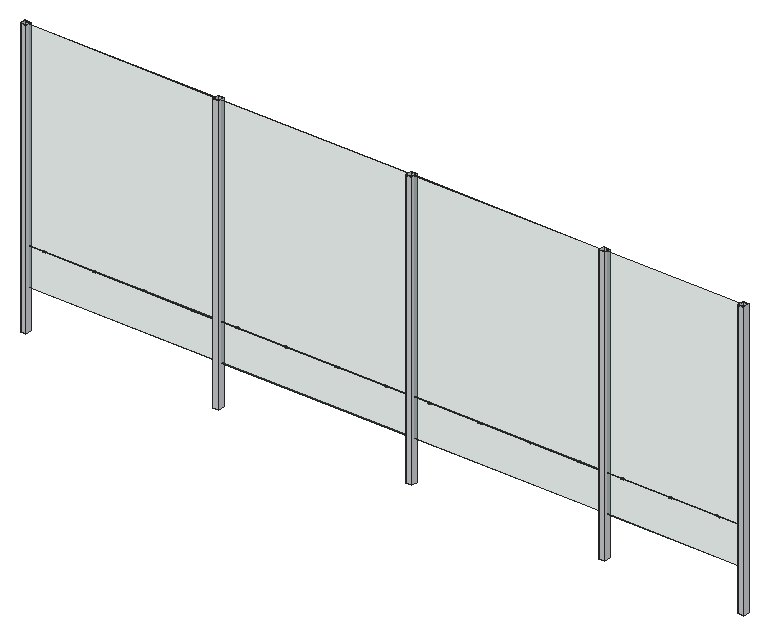
Revit family "Ограждение_Составное_Панель_2D_2500", category Специальное оборудование, Revit 2019
Family settings
  Размер круглого соединителя = Использовать диаметр
  Тип детали = Нормальный
  При загрузке вырезать с полостями = Нет
  Общий = Нет
  Точка расчета площади = Нет
Parameters (values of type "Панель 2500_Фланцевое крепление_Столб 80х80")
  Ячейка 50х200 [instance] = not(Ячейка 50х150)  # no
  Ячейка 50х150 [instance] = yes
  Ширина столба = 80 mm
  Ширина резаной [instance] = if(not(Шаг последнего столба - Ширина столба > 0 mm), 1 mm, Шаг последнего столба - Ширина столба)  # 1780 mm
  Ширина панели = 2500 mm
  Ширина 1ой панели [instance] = if([built-in parameter 1001306] < Шаг столбов, 1 mm, Шаг столбов - Ширина столба)  # 2500 mm
  Шаг столбов [instance] = Ширина панели + Ширина столба  # 2580 mm
  Условное обозначение [instance] = no
  Толщина стенки столба [instance] = 2 mm
  Тип крепежа [instance] = 2
  Таблица высот 2д [instance] = "Таблица высот 2д"  # constant formula
  С фланцем под В.О. = not(or(Под бетонирование, С фланцем))  # no
  С фланцем = no
  Показать последний [instance] = yes
  Показать первый [instance] = yes
  Шаг последнего столба [instance] = if(if(not([built-in parameter 1001306] > Шаг столбов), [built-in parameter 1001306], [built-in parameter 1001306] - (rounddown([built-in parameter 1001306] / Шаг столбов) * Шаг столбов)) = 0 mm, Шаг столбов, if(not([built-in parameter 1001306] > Шаг столбов), [built-in parameter 1001306], [built-in parameter 1001306] - (rounddown([built-in parameter 1001306] / Шаг столбов) * Шаг столбов)))  # 1860 mm
  Расчёт ячейки [instance] = if(Ячейка 50х150, 2, 0)  # 2
  Пруток D=5/5/5мм [instance] = not(or([Пруток D=6/5/6], [Пруток D=8/6/8мм]))  # no
  Пруток D=8/6/8мм [instance] = yes
  Пруток D=6/5/6 [instance] = no
  Показать средний столб [instance] = N панелей = 2  # no
  Под насадку [instance] = no
  Под бетонирование = yes
  Отступ панели от основания = 40 mm
  Отступ панели = Ширина столба / 2  # 40 mm
  Ограничитель высоты [instance] = roundup(if(Высота забора < 3000 mm, 3000 mm, if(Высота забора > 4900 mm, 4900 mm, Высота забора)) / 100 mm) * 100 mm  # 3200 mm
  Инструкция [instance] = "https://docs.google.com/document/d/1XoauSrwt7IGAhMdFAXwtCzeMTNeNAc0jOe2-wnaxtaw/edit#heading=h.gjdgxs"
  Изготовитель = [ADSK_Завод-изготовитель]  # "FENSYS"
  built-in parameter 1001306 [instance] = 9600 mm
  Диаметр сваи [instance] = 57 mm
  Группа модели = "Ограждение"  # constant formula
  Глубина столба = 80 mm
  Высота столба [instance] = Отступ панели от основания + Высота нижней панели + Высота верхней панели  # 3200 mm
  Высота сваи [instance] = 1000 mm
  Расчет D прутка [instance] = if([Пруток D=6/5/6], 1, if([Пруток D=8/6/8мм], 2, 0))  # 2
  Высота нижней панели [instance] = size_lookup(Таблица высот 2д, "Высота нижней панели", 500 mm, Ограничитель высоты)  # 500 mm
  Высота межпанельного крепежа [instance] = Высота нижней панели + 40 mm  # 540 mm
  Высота забора [instance] = 3200 mm
  Высота верхней панели [instance] = Ограничитель высоты - 40 mm - Высота нижней панели  # 2660 mm
  Выбор типа основания [instance] = if(Под бетонирование, 1, if(С фланцем, 2, 0))  # 1
  Видимость соединителей первой панели [instance] = and([built-in parameter 1001306] > Шаг столбов, [built-in parameter 1001306] < Шаг столбов * 2)  # no
  Видимость массива соединителей последней панели [instance] = and(not(Шаг последнего столба - Ширина столба < 1000 mm), not([built-in parameter 1001306] = Шаг столбов * 2))  # yes
  Видимость одного соединителя последней панели [instance] = and(Шаг последнего столба - Ширина столба < 1000 mm, Шаг последнего столба - Ширина столба > 500 mm)  # no
  Видимость массива столбов [instance] = N панелей > 2  # yes
  Видимость соединителей массива [instance] = not([built-in parameter 1001306] < Шаг столбов * 2)  # yes
  Видимость массива панелей [instance] = N панелей > 2  # yes
  Видимость 1ой панели [instance] = N панелей = 2  # no
  URL = "https://www.fensys.ru/oprosnyy-list/"
  N столбов в массиве [instance] = if((N панелей - 1) < 2, 2, N панелей - 1)  # 3
  N панелей в массиве [instance] = if(N панелей > 2, N панелей - 1, 2)  # 3
  N панелей [instance] = if([built-in parameter 1001306] > Шаг столбов, roundup([built-in parameter 1001306] / Шаг столбов), 1)  # 4
  ADSK_Размер_Длина [instance] = [built-in parameter 1001306]  # 9600 mm
  ADSK_Наименование = "Ограждение составное 2д - Панель 2500_Фланцевое крепление_Столб 80х80"
  ADSK_Завод-изготовитель = "FENSYS"  # constant formula
  ADSK_Единица измерения = "м."  # constant formula
Reference planes
  plane 1 "По центру (Вперед/Назад)": y = 0
  plane 2: z = 0
  plane 3 "Слева": x = 0
  plane 4 "Справа": x = 9600
  plane 5 "Верх стойки": z = 3200
  plane 6: x = 2580
  plane 7: x = 5160
  plane 8 "ось предпоследнего столба": x = 7740
  plane 9 "Низ нижней панели": z = 40
  plane 10 "По центру Л/С": z = 540
Lines and regions (mm)
  reference lines
    curve 1: line (0, 0, 0) -> (9600, 0, 0)
Dimensions and locks
  "built-in parameter 1001306": plane 3 "Слева" to plane 4 "Справа"
  "Ограничитель высоты": plane 5 "Верх стойки" to level
  "Шаг столбов": plane 3 "Слева" to plane 6
  "Шаг столбов": plane 6 to plane 7
  "Шаг последнего столба": plane 8 "ось предпоследнего столба" to plane 4 "Справа"
  equal spacing: group 1, group 2, group 9  (x3)
  equal spacing: group 3, group 4, group 10  (x3)
  locked: plane 9 "Низ нижней панели" to plane 2 at 40
  "Высота нижней панели": plane 10 "По центру Л/С" to plane 9 "Низ нижней панели"
  plane 5 "Верх стойки" to plane 9 "Низ нижней панели" = 3160 mm
  equal spacing: group 5, group 6, group 11  (x3)
  equal spacing: group 7, group 8, group 12  (x3)
  aligned and locked: plane 4 "Справа" to curve 1
  aligned and locked: plane 1 "По центру (Вперед/Назад)" to curve 1
  aligned and locked: plane 3 "Слева" to curve 1
  aligned and locked: level to plane 2
  aligned and locked: plane 3 "Слева" to nested 1
  aligned and locked: plane 1 "По центру (Вперед/Назад)" to nested 1
  aligned and locked: plane 6 to nested 2
  aligned and locked: curve 1 to nested 2
  aligned and locked: curve 1 to nested 3
  aligned and locked: plane 3 "Слева" to nested 5
  aligned and locked: plane 6 to nested 6
  aligned and locked: plane 1 "По центру (Вперед/Назад)" to nested 5
  aligned and locked: plane 1 "По центру (Вперед/Назад)" to nested 6
  aligned and locked: nested 7 to curve 1
  aligned and locked: plane 1 "По центру (Вперед/Назад)" to nested 7
  aligned and locked: plane 6 to nested 8
  aligned and locked: nested 3 to plane 4 "Справа"
  aligned and locked: plane 5 "Верх стойки" to nested 1  (x3)
  aligned and locked: plane 5 "Верх стойки" to nested 3  (x2)
  aligned and locked: plane 7 to nested 44
  aligned and locked: plane 6 to nested 27
  aligned and locked: plane 3 "Слева" to nested 54
  aligned and locked: plane 6 to nested 55
  aligned and locked: plane 8 "ось предпоследнего столба" to nested 56
  aligned and locked: plane 3 "Слева" to nested 57
  aligned and locked: plane 1 "По центру (Вперед/Назад)" to nested 54
  aligned and locked: plane 1 "По центру (Вперед/Назад)" to nested 55
  aligned and locked: plane 1 "По центру (Вперед/Назад)" to nested 56
  aligned and locked: plane 1 "По центру (Вперед/Назад)" to nested 57
  aligned and locked: plane 10 "По центру Л/С" to nested 26
  aligned and locked: nested 25 to plane 10 "По центру Л/С"
  aligned and locked: plane 10 "По центру Л/С" to nested 53
  aligned and locked: plane 4 "Справа" to nested 26
  aligned and locked: plane 4 "Справа" to nested 4
  aligned and locked: nested 5 to plane 9 "Низ нижней панели"
  aligned and locked: plane 3 "Слева" to nested 7
  aligned and locked: nested 79 to plane 10 "По центру Л/С"
  aligned and locked: plane 5 "Верх стойки" to nested 2
  aligned and locked: plane 5 "Верх стойки" to nested 80
  aligned and locked: plane 5 "Верх стойки" to nested 6
Nested families
  nested 1: "В_Столб" at (0, 0, 0), visible <- "Показать первый", ADSK_Размер_Толщина стенки <- "Толщина стенки столба", ADSK_Размер_Глубина <- "Глубина столба", Диаметр сваи <- "Диаметр сваи", Высота сваи <- "Высота сваи", Под бетонирование <- "Под бетонирование", С фланцем <- "С фланцем", С фланцем под в.о. <- "С фланцем под В.О.", ADSK_Размер_Ширина <- "Ширина столба", ADSK_Комплект <- "Группа модели", Под насадку <- "Под насадку", Тип крепежа <- "Тип крепежа", Условное обозначение <- "Условное обозначение", ADSK_Размер_Высота <- "Ограничитель высоты", Высота забора <- "Ограничитель высоты", type "Столб"
    with Условное обозначение no, Тип крепежа 2, Таблица "Столб новый", С фланцем под в.о. no, С фланцем no, Под насадку число 1, Под насадку no, Под бетонирование yes, Ограничитель крепежа 2, Крепеж в массиве 5, Длина под бетонирование 500 mm, Диаметр сваи 57 mm, Высота сваи 1000 mm, Высота забора 3200 mm, Выбор типа крепления 1, N крепежа в массиве 6, ADSK_Размер_Ширина 80 mm, ADSK_Размер_Толщина стенки 2 mm, ADSK_Размер_Глубина 80 mm, ADSK_Размер_Высота 3200 mm, ADSK_Обозначение "SI", ADSK_Наименование "Столб ограждения (под насадку): профиль 80x80x2 мм, L= 3200 мм, под бетонирование", ADSK_Масса 15.2, ADSK_Комплект "Ограждение", ADSK_Код изделия "13892N"
  nested 2: "В_Столб" at (2580, 0, 0), visible <- "Показать средний столб", ADSK_Размер_Толщина стенки <- "Толщина стенки столба", ADSK_Размер_Глубина <- "Глубина столба", Диаметр сваи <- "Диаметр сваи", Высота сваи <- "Высота сваи", Под бетонирование <- "Под бетонирование", С фланцем <- "С фланцем", С фланцем под в.о. <- "С фланцем под В.О.", ADSK_Размер_Ширина <- "Ширина столба", ADSK_Комплект <- "Группа модели", Под насадку <- "Под насадку", Тип крепежа <- "Тип крепежа", Условное обозначение <- "Условное обозначение", Высота забора <- "Ограничитель высоты", type "Столб"
    with Условное обозначение no, Тип крепежа 2, Таблица "Столб новый", С фланцем под в.о. no, С фланцем no, Под насадку число 1, Под насадку no, Под бетонирование yes, Ограничитель крепежа 2, Крепеж в массиве 5, Длина под бетонирование 500 mm, Диаметр сваи 57 mm, Высота сваи 1000 mm, Высота забора 3200 mm, Выбор типа крепления 1, N крепежа в массиве 6, ADSK_Размер_Ширина 80 mm, ADSK_Размер_Толщина стенки 2 mm, ADSK_Размер_Глубина 80 mm, ADSK_Размер_Высота 3200 mm, ADSK_Обозначение "SI", ADSK_Наименование "Столб ограждения (под насадку): профиль 80x80x2 мм, L= 3200 мм, под бетонирование", ADSK_Масса 15.2, ADSK_Комплект "Ограждение", ADSK_Код изделия "13892N"
  nested 3: "В_Столб" at (9600, 0, 0), visible <- "Показать последний", ADSK_Размер_Толщина стенки <- "Толщина стенки столба", ADSK_Размер_Глубина <- "Глубина столба", Диаметр сваи <- "Диаметр сваи", Высота сваи <- "Высота сваи", Под бетонирование <- "Под бетонирование", С фланцем <- "С фланцем", С фланцем под в.о. <- "С фланцем под В.О.", ADSK_Размер_Ширина <- "Ширина столба", ADSK_Комплект <- "Группа модели", Под насадку <- "Под насадку", Тип крепежа <- "Тип крепежа", Условное обозначение <- "Условное обозначение", Высота забора <- "Ограничитель высоты", type "Столб"
    with Условное обозначение no, Тип крепежа 2, Таблица "Столб новый", С фланцем под в.о. no, С фланцем no, Под насадку число 1, Под насадку no, Под бетонирование yes, Ограничитель крепежа 2, Крепеж в массиве 5, Длина под бетонирование 500 mm, Диаметр сваи 57 mm, Высота сваи 1000 mm, Высота забора 3200 mm, Выбор типа крепления 1, N крепежа в массиве 6, ADSK_Размер_Ширина 80 mm, ADSK_Размер_Толщина стенки 2 mm, ADSK_Размер_Глубина 80 mm, ADSK_Размер_Высота 3200 mm, ADSK_Обозначение "SI", ADSK_Наименование "Столб ограждения (под насадку): профиль 80x80x2 мм, L= 3200 мм, под бетонирование", ADSK_Масса 15.2, ADSK_Комплект "Ограждение", ADSK_Код изделия "13892N"
  nested 4: "В_Панель_2D" at (7740, 0, 0), ADSK_Размер_Высота <- "Высота нижней панели", Отступ панели от основания <- "Отступ панели от основания", Отступ панели <- "Отступ панели", Размер ячейки <- "Расчёт ячейки", Размер прутка <- "Расчет D прутка", ADSK_Размер_Ширина <- "Ширина резаной", Тип крепежа <- "Тип крепежа", ADSK_Комплект <- "Группа модели", type "Панель 2500"
    with Тип крепежа 2, Расчетная длина 1860 mm, Размер ячейки 2, Размер прутка 2, Отступ панели от основания 40 mm, Отступ панели 40 mm, ADSK_Размер_Ширина 1780 mm, ADSK_Размер_Высота 500 mm, ADSK_Примечание "", ADSK_Обозначение "GUARD-T", ADSK_Наименование "Панель под подрезку", ADSK_Масса 0, ADSK_Комплект "Ограждение", ADSK_Код изделия " "
  nested 5: "В_Панель_2D" at (0, 0, 0), ADSK_Размер_Высота <- "Высота нижней панели", Отступ панели от основания <- "Отступ панели от основания", Отступ панели <- "Отступ панели", visible <- "Видимость массива панелей", Размер ячейки <- "Расчёт ячейки", Размер прутка <- "Расчет D прутка", Тип крепежа <- "Тип крепежа", ADSK_Комплект <- "Группа модели", ADSK_Размер_Ширина <- "Ширина панели", type "Панель 2500"
    with Тип крепежа 2, Расчетная длина 2580 mm, Размер ячейки 2, Размер прутка 2, Отступ панели от основания 40 mm, Отступ панели 40 mm, ADSK_Размер_Ширина 2500 mm, ADSK_Размер_Высота 500 mm, ADSK_Примечание "", ADSK_Обозначение "GUARD-T", ADSK_Наименование "Панель под подрезку", ADSK_Масса 0, ADSK_Комплект "Ограждение", ADSK_Код изделия " "
  nested 6: "В_Столб" at (2580, 0, 0), visible <- "Видимость массива столбов", ADSK_Размер_Толщина стенки <- "Толщина стенки столба", ADSK_Размер_Глубина <- "Глубина столба", Диаметр сваи <- "Диаметр сваи", Высота сваи <- "Высота сваи", Под бетонирование <- "Под бетонирование", С фланцем <- "С фланцем", С фланцем под в.о. <- "С фланцем под В.О.", ADSK_Размер_Ширина <- "Ширина столба", ADSK_Комплект <- "Группа модели", Под насадку <- "Под насадку", Тип крепежа <- "Тип крепежа", Условное обозначение <- "Условное обозначение", Высота забора <- "Ограничитель высоты", type "Столб"
    with Условное обозначение no, Тип крепежа 2, Таблица "Столб новый", С фланцем под в.о. no, С фланцем no, Под насадку число 1, Под насадку no, Под бетонирование yes, Ограничитель крепежа 2, Крепеж в массиве 5, Длина под бетонирование 500 mm, Диаметр сваи 57 mm, Высота сваи 1000 mm, Высота забора 3200 mm, Выбор типа крепления 1, N крепежа в массиве 6, ADSK_Размер_Ширина 80 mm, ADSK_Размер_Толщина стенки 2 mm, ADSK_Размер_Глубина 80 mm, ADSK_Размер_Высота 3200 mm, ADSK_Обозначение "SI", ADSK_Наименование "Столб ограждения (под насадку): профиль 80x80x2 мм, L= 3200 мм, под бетонирование", ADSK_Масса 15.2, ADSK_Комплект "Ограждение", ADSK_Код изделия "13892N"
  nested 7: "В_Панель_2D" at (0, 0, 0), ADSK_Размер_Высота <- "Высота нижней панели", Отступ панели от основания <- "Отступ панели от основания", Отступ панели <- "Отступ панели", visible <- "Видимость 1ой панели", Размер ячейки <- "Расчёт ячейки", Размер прутка <- "Расчет D прутка", Тип крепежа <- "Тип крепежа", ADSK_Комплект <- "Группа модели", ADSK_Размер_Ширина <- "Ширина 1ой панели", type "Панель 2500"
    with Тип крепежа 2, Расчетная длина 2580 mm, Размер ячейки 2, Размер прутка 2, Отступ панели от основания 40 mm, Отступ панели 40 mm, ADSK_Размер_Ширина 2500 mm, ADSK_Размер_Высота 500 mm, ADSK_Примечание "", ADSK_Обозначение "GUARD-T", ADSK_Наименование "Панель под подрезку", ADSK_Масса 0, ADSK_Комплект "Ограждение", ADSK_Код изделия " "
  nested 8: "В_Панель_2D" at (2580, 0, 0), ADSK_Размер_Высота <- "Высота нижней панели", Отступ панели от основания <- "Отступ панели от основания", Отступ панели <- "Отступ панели", visible <- "Видимость массива панелей", Размер ячейки <- "Расчёт ячейки", Размер прутка <- "Расчет D прутка", Тип крепежа <- "Тип крепежа", ADSK_Комплект <- "Группа модели", ADSK_Размер_Ширина <- "Ширина панели", type "Панель 2500"
    with Тип крепежа 2, Расчетная длина 2580 mm, Размер ячейки 2, Размер прутка 2, Отступ панели от основания 40 mm, Отступ панели 40 mm, ADSK_Размер_Ширина 2500 mm, ADSK_Размер_Высота 500 mm, ADSK_Примечание "", ADSK_Обозначение "GUARD-T", ADSK_Наименование "Панель под подрезку", ADSK_Масса 0, ADSK_Комплект "Ограждение", ADSK_Код изделия " "
  nested 9: "В_Крепеж" at (0, 0, 3165), type "Крепеж"
    with Ширина столба 0 mm, Тип крепежа 2, Путь к таблице "Таблица крепежей", Видимость метизов yes, Y насадка no, ADSK_Обозначение "Крепеж", ADSK_Наименование "Скоба F50", ADSK_Комплект "Ограждение", ADSK_Количество 1, ADSK_Код изделия "8903K"
  nested 10: "В_Крепеж" at (0, 0, 104.903), type "Крепеж"
    with Ширина столба 0 mm, Тип крепежа 2, Путь к таблице "Таблица крепежей", Видимость метизов yes, Y насадка no, ADSK_Обозначение "Крепеж", ADSK_Наименование "Скоба F50", ADSK_Комплект "Ограждение", ADSK_Количество 1, ADSK_Код изделия "8903K"
  nested 11: "В_Крепеж" at (2580, 0, 3165), type "Крепеж"
    with Ширина столба 0 mm, Тип крепежа 2, Путь к таблице "Таблица крепежей", Видимость метизов yes, Y насадка no, ADSK_Обозначение "Крепеж", ADSK_Наименование "Скоба F50", ADSK_Комплект "Ограждение", ADSK_Количество 1, ADSK_Код изделия "8903K"
  nested 12: "В_Крепеж" at (2580, 0, 104.903), type "Крепеж"
    with Ширина столба 0 mm, Тип крепежа 2, Путь к таблице "Таблица крепежей", Видимость метизов yes, Y насадка no, ADSK_Обозначение "Крепеж", ADSK_Наименование "Скоба F50", ADSK_Комплект "Ограждение", ADSK_Количество 1, ADSK_Код изделия "8903K"
  nested 13: "В_Крепеж" at (9600, 0, 3165), type "Крепеж"
    with Ширина столба 0 mm, Тип крепежа 2, Путь к таблице "Таблица крепежей", Видимость метизов yes, Y насадка no, ADSK_Обозначение "Крепеж", ADSK_Наименование "Скоба F50", ADSK_Комплект "Ограждение", ADSK_Количество 1, ADSK_Код изделия "8903K"
  nested 14: "В_Крепеж" at (9600, 0, 104.903), type "Крепеж"
    with Ширина столба 0 mm, Тип крепежа 2, Путь к таблице "Таблица крепежей", Видимость метизов yes, Y насадка no, ADSK_Обозначение "Крепеж", ADSK_Наименование "Скоба F50", ADSK_Комплект "Ограждение", ADSK_Количество 1, ADSK_Код изделия "8903K"
  nested 15: "В_Крепеж" at (2580, 0, 3165), type "Крепеж"
    with Ширина столба 0 mm, Тип крепежа 2, Путь к таблице "Таблица крепежей", Видимость метизов yes, Y насадка no, ADSK_Обозначение "Крепеж", ADSK_Наименование "Скоба F50", ADSK_Комплект "Ограждение", ADSK_Количество 1, ADSK_Код изделия "8903K"
  nested 16: "В_Крепеж" at (2580, 0, 104.903), type "Крепеж"
    with Ширина столба 0 mm, Тип крепежа 2, Путь к таблице "Таблица крепежей", Видимость метизов yes, Y насадка no, ADSK_Обозначение "Крепеж", ADSK_Наименование "Скоба F50", ADSK_Комплект "Ограждение", ADSK_Количество 1, ADSK_Код изделия "8903K"
  nested 17: "В_Метизы" at (20, 0, 3165), type "Метизы"
    with Тип крепежа 2, Путь к таблице "Таблица метизов", ADSK_Наименование "Комплект метизов «В» для крепления скобы из нержавеющей стали (Винт М8х30 ISO 7380 А2   - 4 шт., Шайба D8 DIN 125 А2-70 - 4 шт.,Шайба 8 DIN 127 нерж.)", ADSK_Комплект "Ограждение", ADSK_Количество 1, ADSK_Код изделия "8923"
  nested 18: "В_Метизы" at (20, 0, 104.903), type "Метизы"
    with Тип крепежа 2, Путь к таблице "Таблица метизов", ADSK_Наименование "Комплект метизов «В» для крепления скобы из нержавеющей стали (Винт М8х30 ISO 7380 А2   - 4 шт., Шайба D8 DIN 125 А2-70 - 4 шт.,Шайба 8 DIN 127 нерж.)", ADSK_Комплект "Ограждение", ADSK_Количество 1, ADSK_Код изделия "8923"
  nested 19: "В_Метизы" at (2600, 0, 3165), type "Метизы"
    with Тип крепежа 2, Путь к таблице "Таблица метизов", ADSK_Наименование "Комплект метизов «В» для крепления скобы из нержавеющей стали (Винт М8х30 ISO 7380 А2   - 4 шт., Шайба D8 DIN 125 А2-70 - 4 шт.,Шайба 8 DIN 127 нерж.)", ADSK_Комплект "Ограждение", ADSK_Количество 1, ADSK_Код изделия "8923"
  nested 20: "В_Метизы" at (2600, 0, 104.903), type "Метизы"
    with Тип крепежа 2, Путь к таблице "Таблица метизов", ADSK_Наименование "Комплект метизов «В» для крепления скобы из нержавеющей стали (Винт М8х30 ISO 7380 А2   - 4 шт., Шайба D8 DIN 125 А2-70 - 4 шт.,Шайба 8 DIN 127 нерж.)", ADSK_Комплект "Ограждение", ADSK_Количество 1, ADSK_Код изделия "8923"
  nested 21: "В_Метизы" at (9620, 0, 3165), type "Метизы"
    with Тип крепежа 2, Путь к таблице "Таблица метизов", ADSK_Наименование "Комплект метизов «В» для крепления скобы из нержавеющей стали (Винт М8х30 ISO 7380 А2   - 4 шт., Шайба D8 DIN 125 А2-70 - 4 шт.,Шайба 8 DIN 127 нерж.)", ADSK_Комплект "Ограждение", ADSK_Количество 1, ADSK_Код изделия "8923"
  nested 22: "В_Метизы" at (9620, 0, 104.903), type "Метизы"
    with Тип крепежа 2, Путь к таблице "Таблица метизов", ADSK_Наименование "Комплект метизов «В» для крепления скобы из нержавеющей стали (Винт М8х30 ISO 7380 А2   - 4 шт., Шайба D8 DIN 125 А2-70 - 4 шт.,Шайба 8 DIN 127 нерж.)", ADSK_Комплект "Ограждение", ADSK_Количество 1, ADSK_Код изделия "8923"
  nested 23: "В_Метизы" at (2600, 0, 3165), type "Метизы"
    with Тип крепежа 2, Путь к таблице "Таблица метизов", ADSK_Наименование "Комплект метизов «В» для крепления скобы из нержавеющей стали (Винт М8х30 ISO 7380 А2   - 4 шт., Шайба D8 DIN 125 А2-70 - 4 шт.,Шайба 8 DIN 127 нерж.)", ADSK_Комплект "Ограждение", ADSK_Количество 1, ADSK_Код изделия "8923"
  nested 24: "В_Метизы" at (2600, 0, 104.903), type "Метизы"
    with Тип крепежа 2, Путь к таблице "Таблица метизов", ADSK_Наименование "Комплект метизов «В» для крепления скобы из нержавеющей стали (Винт М8х30 ISO 7380 А2   - 4 шт., Шайба D8 DIN 125 А2-70 - 4 шт.,Шайба 8 DIN 127 нерж.)", ADSK_Комплект "Ограждение", ADSK_Количество 1, ADSK_Код изделия "8923"
  nested 25: "В_Панель_2D" at (0, 0, 500), ADSK_Размер_Высота <- "Высота верхней панели", Отступ панели от основания <- "Отступ панели от основания", Отступ панели <- "Отступ панели", visible <- "Видимость массива панелей", Размер ячейки <- "Расчёт ячейки", Размер прутка <- "Расчет D прутка", Тип крепежа <- "Тип крепежа", ADSK_Комплект <- "Группа модели", ADSK_Размер_Ширина <- "Ширина панели", type "Панель 2500"
    with Тип крепежа 2, Расчетная длина 2580 mm, Размер ячейки 2, Размер прутка 2, Отступ панели от основания 40 mm, Отступ панели 40 mm, ADSK_Размер_Ширина 2500 mm, ADSK_Размер_Высота 2660 mm, ADSK_Примечание "", ADSK_Обозначение "GUARD-T", ADSK_Наименование "Панель под подрезку", ADSK_Масса 0, ADSK_Комплект "Ограждение", ADSK_Код изделия " "
  nested 26: "В_Панель_2D" at (7740, 0, 500), ADSK_Размер_Высота <- "Высота верхней панели", Отступ панели от основания <- "Отступ панели от основания", Отступ панели <- "Отступ панели", Размер ячейки <- "Расчёт ячейки", Размер прутка <- "Расчет D прутка", ADSK_Размер_Ширина <- "Ширина резаной", Тип крепежа <- "Тип крепежа", ADSK_Комплект <- "Группа модели", type "Панель 2500"
    with Тип крепежа 2, Расчетная длина 1860 mm, Размер ячейки 2, Размер прутка 2, Отступ панели от основания 40 mm, Отступ панели 40 mm, ADSK_Размер_Ширина 1780 mm, ADSK_Размер_Высота 2660 mm, ADSK_Примечание "", ADSK_Обозначение "GUARD-T", ADSK_Наименование "Панель под подрезку", ADSK_Масса 0, ADSK_Комплект "Ограждение", ADSK_Код изделия " "
  nested 27: "В_Панель_2D" at (2580, 0, 500), ADSK_Размер_Высота <- "Высота верхней панели", Отступ панели от основания <- "Отступ панели от основания", Отступ панели <- "Отступ панели", visible <- "Видимость массива панелей", Размер ячейки <- "Расчёт ячейки", Размер прутка <- "Расчет D прутка", Тип крепежа <- "Тип крепежа", ADSK_Комплект <- "Группа модели", ADSK_Размер_Ширина <- "Ширина панели", type "Панель 2500"
    with Тип крепежа 2, Расчетная длина 2580 mm, Размер ячейки 2, Размер прутка 2, Отступ панели от основания 40 mm, Отступ панели 40 mm, ADSK_Размер_Ширина 2500 mm, ADSK_Размер_Высота 2660 mm, ADSK_Примечание "", ADSK_Обозначение "GUARD-T", ADSK_Наименование "Панель под подрезку", ADSK_Масса 0, ADSK_Комплект "Ограждение", ADSK_Код изделия " "
  nested 28: "В_Крепеж" at (0, 0, 869.928), type "Крепеж"
    with Ширина столба 0 mm, Тип крепежа 2, Путь к таблице "Таблица крепежей", Видимость метизов yes, Y насадка no, ADSK_Обозначение "Крепеж", ADSK_Наименование "Скоба F50", ADSK_Комплект "Ограждение", ADSK_Количество 1, ADSK_Код изделия "8903K"
  nested 29: "В_Метизы" at (20, 0, 869.928), type "Метизы"
    with Тип крепежа 2, Путь к таблице "Таблица метизов", ADSK_Наименование "Комплект метизов «В» для крепления скобы из нержавеющей стали (Винт М8х30 ISO 7380 А2   - 4 шт., Шайба D8 DIN 125 А2-70 - 4 шт.,Шайба 8 DIN 127 нерж.)", ADSK_Комплект "Ограждение", ADSK_Количество 1, ADSK_Код изделия "8923"
  nested 30: "В_Крепеж" at (2580, 0, 869.928), type "Крепеж"
    with Ширина столба 0 mm, Тип крепежа 2, Путь к таблице "Таблица крепежей", Видимость метизов yes, Y насадка no, ADSK_Обозначение "Крепеж", ADSK_Наименование "Скоба F50", ADSK_Комплект "Ограждение", ADSK_Количество 1, ADSK_Код изделия "8903K"
  nested 31: "В_Метизы" at (2600, 0, 869.928), type "Метизы"
    with Тип крепежа 2, Путь к таблице "Таблица метизов", ADSK_Наименование "Комплект метизов «В» для крепления скобы из нержавеющей стали (Винт М8х30 ISO 7380 А2   - 4 шт., Шайба D8 DIN 125 А2-70 - 4 шт.,Шайба 8 DIN 127 нерж.)", ADSK_Комплект "Ограждение", ADSK_Количество 1, ADSK_Код изделия "8923"
  nested 32: "В_Крепеж" at (2580, 0, 869.928), type "Крепеж"
    with Ширина столба 0 mm, Тип крепежа 2, Путь к таблице "Таблица крепежей", Видимость метизов yes, Y насадка no, ADSK_Обозначение "Крепеж", ADSK_Наименование "Скоба F50", ADSK_Комплект "Ограждение", ADSK_Количество 1, ADSK_Код изделия "8903K"
  nested 33: "В_Метизы" at (2600, 0, 869.928), type "Метизы"
    with Тип крепежа 2, Путь к таблице "Таблица метизов", ADSK_Наименование "Комплект метизов «В» для крепления скобы из нержавеющей стали (Винт М8х30 ISO 7380 А2   - 4 шт., Шайба D8 DIN 125 А2-70 - 4 шт.,Шайба 8 DIN 127 нерж.)", ADSK_Комплект "Ограждение", ADSK_Количество 1, ADSK_Код изделия "8923"
  nested 34: "В_Крепеж" at (0, 0, 1634.952), type "Крепеж"
    with Ширина столба 0 mm, Тип крепежа 2, Путь к таблице "Таблица крепежей", Видимость метизов yes, Y насадка no, ADSK_Обозначение "Крепеж", ADSK_Наименование "Скоба F50", ADSK_Комплект "Ограждение", ADSK_Количество 1, ADSK_Код изделия "8903K"
  nested 35: "В_Метизы" at (20, 0, 1634.952), type "Метизы"
    with Тип крепежа 2, Путь к таблице "Таблица метизов", ADSK_Наименование "Комплект метизов «В» для крепления скобы из нержавеющей стали (Винт М8х30 ISO 7380 А2   - 4 шт., Шайба D8 DIN 125 А2-70 - 4 шт.,Шайба 8 DIN 127 нерж.)", ADSK_Комплект "Ограждение", ADSK_Количество 1, ADSK_Код изделия "8923"
  nested 36: "В_Крепеж" at (2580, 0, 1634.952), type "Крепеж"
    with Ширина столба 0 mm, Тип крепежа 2, Путь к таблице "Таблица крепежей", Видимость метизов yes, Y насадка no, ADSK_Обозначение "Крепеж", ADSK_Наименование "Скоба F50", ADSK_Комплект "Ограждение", ADSK_Количество 1, ADSK_Код изделия "8903K"
  nested 37: "В_Метизы" at (2600, 0, 1634.952), type "Метизы"
    with Тип крепежа 2, Путь к таблице "Таблица метизов", ADSK_Наименование "Комплект метизов «В» для крепления скобы из нержавеющей стали (Винт М8х30 ISO 7380 А2   - 4 шт., Шайба D8 DIN 125 А2-70 - 4 шт.,Шайба 8 DIN 127 нерж.)", ADSK_Комплект "Ограждение", ADSK_Количество 1, ADSK_Код изделия "8923"
  nested 38: "В_Крепеж" at (9600, 0, 1634.952), type "Крепеж"
    with Ширина столба 0 mm, Тип крепежа 2, Путь к таблице "Таблица крепежей", Видимость метизов yes, Y насадка no, ADSK_Обозначение "Крепеж", ADSK_Наименование "Скоба F50", ADSK_Комплект "Ограждение", ADSK_Количество 1, ADSK_Код изделия "8903K"
  nested 39: "В_Крепеж" at (9600, 0, 869.928), type "Крепеж"
    with Ширина столба 0 mm, Тип крепежа 2, Путь к таблице "Таблица крепежей", Видимость метизов yes, Y насадка no, ADSK_Обозначение "Крепеж", ADSK_Наименование "Скоба F50", ADSK_Комплект "Ограждение", ADSK_Количество 1, ADSK_Код изделия "8903K"
  nested 40: "В_Метизы" at (9620, 0, 1634.952), type "Метизы"
    with Тип крепежа 2, Путь к таблице "Таблица метизов", ADSK_Наименование "Комплект метизов «В» для крепления скобы из нержавеющей стали (Винт М8х30 ISO 7380 А2   - 4 шт., Шайба D8 DIN 125 А2-70 - 4 шт.,Шайба 8 DIN 127 нерж.)", ADSK_Комплект "Ограждение", ADSK_Количество 1, ADSK_Код изделия "8923"
  nested 41: "В_Метизы" at (9620, 0, 869.928), type "Метизы"
    with Тип крепежа 2, Путь к таблице "Таблица метизов", ADSK_Наименование "Комплект метизов «В» для крепления скобы из нержавеющей стали (Винт М8х30 ISO 7380 А2   - 4 шт., Шайба D8 DIN 125 А2-70 - 4 шт.,Шайба 8 DIN 127 нерж.)", ADSK_Комплект "Ограждение", ADSK_Количество 1, ADSK_Код изделия "8923"
  nested 42: "В_Крепеж" at (2580, 0, 1634.952), type "Крепеж"
    with Ширина столба 0 mm, Тип крепежа 2, Путь к таблице "Таблица крепежей", Видимость метизов yes, Y насадка no, ADSK_Обозначение "Крепеж", ADSK_Наименование "Скоба F50", ADSK_Комплект "Ограждение", ADSK_Количество 1, ADSK_Код изделия "8903K"
  nested 43: "В_Метизы" at (2600, 0, 1634.952), type "Метизы"
    with Тип крепежа 2, Путь к таблице "Таблица метизов", ADSK_Наименование "Комплект метизов «В» для крепления скобы из нержавеющей стали (Винт М8х30 ISO 7380 А2   - 4 шт., Шайба D8 DIN 125 А2-70 - 4 шт.,Шайба 8 DIN 127 нерж.)", ADSK_Комплект "Ограждение", ADSK_Количество 1, ADSK_Код изделия "8923"
  nested 44: "В_Столб" at (5160, 0, 0), visible <- "Видимость массива столбов", ADSK_Размер_Толщина стенки <- "Толщина стенки столба", ADSK_Размер_Глубина <- "Глубина столба", Диаметр сваи <- "Диаметр сваи", Высота сваи <- "Высота сваи", Под бетонирование <- "Под бетонирование", С фланцем <- "С фланцем", С фланцем под в.о. <- "С фланцем под В.О.", ADSK_Размер_Ширина <- "Ширина столба", ADSK_Комплект <- "Группа модели", Под насадку <- "Под насадку", Тип крепежа <- "Тип крепежа", Условное обозначение <- "Условное обозначение", Высота забора <- "Ограничитель высоты", type "Столб"
    with Условное обозначение no, Тип крепежа 2, Таблица "Столб новый", С фланцем под в.о. no, С фланцем no, Под насадку число 1, Под насадку no, Под бетонирование yes, Ограничитель крепежа 2, Крепеж в массиве 5, Длина под бетонирование 500 mm, Диаметр сваи 57 mm, Высота сваи 1000 mm, Высота забора 3200 mm, Выбор типа крепления 1, N крепежа в массиве 6, ADSK_Размер_Ширина 80 mm, ADSK_Размер_Толщина стенки 2 mm, ADSK_Размер_Глубина 80 mm, ADSK_Размер_Высота 3200 mm, ADSK_Обозначение "SI", ADSK_Наименование "Столб ограждения (под насадку): профиль 80x80x2 мм, L= 3200 мм, под бетонирование", ADSK_Масса 15.2, ADSK_Комплект "Ограждение", ADSK_Код изделия "13892N"
  nested 45: "В_Крепеж" at (5160, 0, 3165), type "Крепеж"
    with Ширина столба 0 mm, Тип крепежа 2, Путь к таблице "Таблица крепежей", Видимость метизов yes, Y насадка no, ADSK_Обозначение "Крепеж", ADSK_Наименование "Скоба F50", ADSK_Комплект "Ограждение", ADSK_Количество 1, ADSK_Код изделия "8903K"
  nested 46: "В_Крепеж" at (5160, 0, 104.903), type "Крепеж"
    with Ширина столба 0 mm, Тип крепежа 2, Путь к таблице "Таблица крепежей", Видимость метизов yes, Y насадка no, ADSK_Обозначение "Крепеж", ADSK_Наименование "Скоба F50", ADSK_Комплект "Ограждение", ADSK_Количество 1, ADSK_Код изделия "8903K"
  nested 47: "В_Метизы" at (5180, 0, 3165), type "Метизы"
    with Тип крепежа 2, Путь к таблице "Таблица метизов", ADSK_Наименование "Комплект метизов «В» для крепления скобы из нержавеющей стали (Винт М8х30 ISO 7380 А2   - 4 шт., Шайба D8 DIN 125 А2-70 - 4 шт.,Шайба 8 DIN 127 нерж.)", ADSK_Комплект "Ограждение", ADSK_Количество 1, ADSK_Код изделия "8923"
  nested 48: "В_Метизы" at (5180, 0, 104.903), type "Метизы"
    with Тип крепежа 2, Путь к таблице "Таблица метизов", ADSK_Наименование "Комплект метизов «В» для крепления скобы из нержавеющей стали (Винт М8х30 ISO 7380 А2   - 4 шт., Шайба D8 DIN 125 А2-70 - 4 шт.,Шайба 8 DIN 127 нерж.)", ADSK_Комплект "Ограждение", ADSK_Количество 1, ADSK_Код изделия "8923"
  nested 49: "В_Крепеж" at (5160, 0, 869.928), type "Крепеж"
    with Ширина столба 0 mm, Тип крепежа 2, Путь к таблице "Таблица крепежей", Видимость метизов yes, Y насадка no, ADSK_Обозначение "Крепеж", ADSK_Наименование "Скоба F50", ADSK_Комплект "Ограждение", ADSK_Количество 1, ADSK_Код изделия "8903K"
  nested 50: "В_Метизы" at (5180, 0, 869.928), type "Метизы"
    with Тип крепежа 2, Путь к таблице "Таблица метизов", ADSK_Наименование "Комплект метизов «В» для крепления скобы из нержавеющей стали (Винт М8х30 ISO 7380 А2   - 4 шт., Шайба D8 DIN 125 А2-70 - 4 шт.,Шайба 8 DIN 127 нерж.)", ADSK_Комплект "Ограждение", ADSK_Количество 1, ADSK_Код изделия "8923"
  nested 51: "В_Крепеж" at (5160, 0, 1634.952), type "Крепеж"
    with Ширина столба 0 mm, Тип крепежа 2, Путь к таблице "Таблица крепежей", Видимость метизов yes, Y насадка no, ADSK_Обозначение "Крепеж", ADSK_Наименование "Скоба F50", ADSK_Комплект "Ограждение", ADSK_Количество 1, ADSK_Код изделия "8903K"
  nested 52: "В_Метизы" at (5180, 0, 1634.952), type "Метизы"
    with Тип крепежа 2, Путь к таблице "Таблица метизов", ADSK_Наименование "Комплект метизов «В» для крепления скобы из нержавеющей стали (Винт М8х30 ISO 7380 А2   - 4 шт., Шайба D8 DIN 125 А2-70 - 4 шт.,Шайба 8 DIN 127 нерж.)", ADSK_Комплект "Ограждение", ADSK_Количество 1, ADSK_Код изделия "8923"
  nested 53: "В_Панель_2D" at (0, 0, 500), ADSK_Размер_Высота <- "Высота верхней панели", Отступ панели от основания <- "Отступ панели от основания", Отступ панели <- "Отступ панели", visible <- "Видимость 1ой панели", Размер ячейки <- "Расчёт ячейки", Размер прутка <- "Расчет D прутка", Тип крепежа <- "Тип крепежа", ADSK_Комплект <- "Группа модели", ADSK_Размер_Ширина <- "Ширина 1ой панели", type "Панель 2500"
    with Тип крепежа 2, Расчетная длина 2580 mm, Размер ячейки 2, Размер прутка 2, Отступ панели от основания 40 mm, Отступ панели 40 mm, ADSK_Размер_Ширина 2500 mm, ADSK_Размер_Высота 2660 mm, ADSK_Примечание "", ADSK_Обозначение "GUARD-T", ADSK_Наименование "Панель под подрезку", ADSK_Масса 0, ADSK_Комплект "Ограждение", ADSK_Код изделия " "
  nested 54: "В_Крепеж_межпанельный" at (1250, 0, 540), Шаг столбов <- "Шаг столбов", Ширина столба <- "Ширина столба", Видимость массива <- "Видимость соединителей массива", built-in parameter 1001364 <- "Высота межпанельного крепежа", type "В_Крепеж_межпанельный"
    with Ширина столба 80 mm, Шаг столбов 2580 mm, Тип крепежа 1, Ограничитель длины 2500 mm, Длина панели 2500 mm, Видимость одного крепежа no, Видимость массива yes, N межпанельно крепежа 4, ADSK_Комплект "Ограждение"
  nested 55: "В_Крепеж_межпанельный" at (3830, 0, 540), Шаг столбов <- "Шаг столбов", Ширина столба <- "Ширина столба", Видимость массива <- "Видимость соединителей массива", built-in parameter 1001364 <- "Высота межпанельного крепежа", type "В_Крепеж_межпанельный"
    with Ширина столба 80 mm, Шаг столбов 2580 mm, Тип крепежа 1, Ограничитель длины 2500 mm, Длина панели 2500 mm, Видимость одного крепежа no, Видимость массива yes, N межпанельно крепежа 4, ADSK_Комплект "Ограждение"
  nested 56: "В_Крепеж_межпанельный" at (8630, 0, 540), Шаг столбов <- "Шаг последнего столба", Ширина столба <- "Ширина столба", Видимость массива <- "Видимость массива соединителей последней панели", Видимость одного крепежа <- "Видимость одного соединителя последней панели", built-in parameter 1001364 <- "Высота межпанельного крепежа", type "В_Крепеж_межпанельный"
    with Ширина столба 80 mm, Шаг столбов 1860 mm, Тип крепежа 1, Ограничитель длины 1780 mm, Длина панели 1780 mm, Видимость одного крепежа no, Видимость массива yes, N межпанельно крепежа 3, ADSK_Комплект "Ограждение"
  nested 57: "В_Крепеж_межпанельный" at (1250, 0, 540), Видимость массива <- "Видимость соединителей первой панели", Шаг столбов <- "Шаг столбов", Ширина столба <- "Ширина столба", built-in parameter 1001364 <- "Высота межпанельного крепежа", type "В_Крепеж_межпанельный"
    with Ширина столба 80 mm, Шаг столбов 2580 mm, Тип крепежа 1, Ограничитель длины 2500 mm, Длина панели 2500 mm, Видимость одного крепежа no, Видимость массива no, N межпанельно крепежа 4, ADSK_Комплект "Ограждение"
  nested 58: "В_Крепеж" at (9270, 0, 540), type "Крепеж"
    with Ширина столба 0 mm, Тип крепежа 1, Путь к таблице "Таблица крепежей", Видимость метизов yes, Y насадка no, ADSK_Обозначение "Крепеж", ADSK_Наименование "Скоба F24", ADSK_Комплект "Ограждение", ADSK_Количество 1, ADSK_Код изделия "15512K"
  nested 59: "В_Крепеж" at (7990, 0, 540), type "Крепеж"
    with Ширина столба 0 mm, Тип крепежа 1, Путь к таблице "Таблица крепежей", Видимость метизов yes, Y насадка no, ADSK_Обозначение "Крепеж", ADSK_Наименование "Скоба F24", ADSK_Комплект "Ограждение", ADSK_Количество 1, ADSK_Код изделия "15512K"
  nested 60: "В_Метизы" at (9290, 0, 540), type "Метизы"
    with Тип крепежа 1, Путь к таблице "Таблица метизов", ADSK_Наименование "Комплект метизов «В» для крепления скобы F24 (Винт М6х30 ISO 7380 А2 - 4 шт., Шайба D6 DIN 125 А2 - 4 шт.,Шайба 6 DIN 127 А2 - 4 шт.)", ADSK_Комплект "Ограждение", ADSK_Количество 1, ADSK_Код изделия "8932"
  nested 61: "В_Метизы" at (8010, 0, 540), type "Метизы"
    with Тип крепежа 1, Путь к таблице "Таблица метизов", ADSK_Наименование "Комплект метизов «В» для крепления скобы F24 (Винт М6х30 ISO 7380 А2 - 4 шт., Шайба D6 DIN 125 А2 - 4 шт.,Шайба 6 DIN 127 А2 - 4 шт.)", ADSK_Комплект "Ограждение", ADSK_Количество 1, ADSK_Код изделия "8932"
  nested 62: "В_Крепеж" at (4163.333, 0, 540), type "Крепеж"
    with Ширина столба 0 mm, Тип крепежа 1, Путь к таблице "Таблица крепежей", Видимость метизов yes, Y насадка no, ADSK_Обозначение "Крепеж", ADSK_Наименование "Скоба F24", ADSK_Комплект "Ограждение", ADSK_Количество 1, ADSK_Код изделия "15512K"
  nested 63: "В_Крепеж" at (3496.667, 0, 540), type "Крепеж"
    with Ширина столба 0 mm, Тип крепежа 1, Путь к таблице "Таблица крепежей", Видимость метизов yes, Y насадка no, ADSK_Обозначение "Крепеж", ADSK_Наименование "Скоба F24", ADSK_Комплект "Ограждение", ADSK_Количество 1, ADSK_Код изделия "15512K"
  nested 64: "В_Крепеж" at (4830, 0, 540), type "Крепеж"
    with Ширина столба 0 mm, Тип крепежа 1, Путь к таблице "Таблица крепежей", Видимость метизов yes, Y насадка no, ADSK_Обозначение "Крепеж", ADSK_Наименование "Скоба F24", ADSK_Комплект "Ограждение", ADSK_Количество 1, ADSK_Код изделия "15512K"
  nested 65: "В_Крепеж" at (2830, 0, 540), type "Крепеж"
    with Ширина столба 0 mm, Тип крепежа 1, Путь к таблице "Таблица крепежей", Видимость метизов yes, Y насадка no, ADSK_Обозначение "Крепеж", ADSK_Наименование "Скоба F24", ADSK_Комплект "Ограждение", ADSK_Количество 1, ADSK_Код изделия "15512K"
  nested 66: "В_Метизы" at (4183.333, 0, 540), type "Метизы"
    with Тип крепежа 1, Путь к таблице "Таблица метизов", ADSK_Наименование "Комплект метизов «В» для крепления скобы F24 (Винт М6х30 ISO 7380 А2 - 4 шт., Шайба D6 DIN 125 А2 - 4 шт.,Шайба 6 DIN 127 А2 - 4 шт.)", ADSK_Комплект "Ограждение", ADSK_Количество 1, ADSK_Код изделия "8932"
  nested 67: "В_Метизы" at (3516.667, 0, 540), type "Метизы"
    with Тип крепежа 1, Путь к таблице "Таблица метизов", ADSK_Наименование "Комплект метизов «В» для крепления скобы F24 (Винт М6х30 ISO 7380 А2 - 4 шт., Шайба D6 DIN 125 А2 - 4 шт.,Шайба 6 DIN 127 А2 - 4 шт.)", ADSK_Комплект "Ограждение", ADSK_Количество 1, ADSK_Код изделия "8932"
  nested 68: "В_Метизы" at (4850, 0, 540), type "Метизы"
    with Тип крепежа 1, Путь к таблице "Таблица метизов", ADSK_Наименование "Комплект метизов «В» для крепления скобы F24 (Винт М6х30 ISO 7380 А2 - 4 шт., Шайба D6 DIN 125 А2 - 4 шт.,Шайба 6 DIN 127 А2 - 4 шт.)", ADSK_Комплект "Ограждение", ADSK_Количество 1, ADSK_Код изделия "8932"
  nested 69: "В_Метизы" at (2850, 0, 540), type "Метизы"
    with Тип крепежа 1, Путь к таблице "Таблица метизов", ADSK_Наименование "Комплект метизов «В» для крепления скобы F24 (Винт М6х30 ISO 7380 А2 - 4 шт., Шайба D6 DIN 125 А2 - 4 шт.,Шайба 6 DIN 127 А2 - 4 шт.)", ADSK_Комплект "Ограждение", ADSK_Количество 1, ADSK_Код изделия "8932"
  nested 70: "В_Крепеж" at (1583.333, 0, 540), type "Крепеж"
    with Ширина столба 0 mm, Тип крепежа 1, Путь к таблице "Таблица крепежей", Видимость метизов yes, Y насадка no, ADSK_Обозначение "Крепеж", ADSK_Наименование "Скоба F24", ADSK_Комплект "Ограждение", ADSK_Количество 1, ADSK_Код изделия "15512K"
  nested 71: "В_Крепеж" at (916.667, 0, 540), type "Крепеж"
    with Ширина столба 0 mm, Тип крепежа 1, Путь к таблице "Таблица крепежей", Видимость метизов yes, Y насадка no, ADSK_Обозначение "Крепеж", ADSK_Наименование "Скоба F24", ADSK_Комплект "Ограждение", ADSK_Количество 1, ADSK_Код изделия "15512K"
  nested 72: "В_Крепеж" at (2250, 0, 540), type "Крепеж"
    with Ширина столба 0 mm, Тип крепежа 1, Путь к таблице "Таблица крепежей", Видимость метизов yes, Y насадка no, ADSK_Обозначение "Крепеж", ADSK_Наименование "Скоба F24", ADSK_Комплект "Ограждение", ADSK_Количество 1, ADSK_Код изделия "15512K"
  nested 73: "В_Крепеж" at (250, 0, 540), type "Крепеж"
    with Ширина столба 0 mm, Тип крепежа 1, Путь к таблице "Таблица крепежей", Видимость метизов yes, Y насадка no, ADSK_Обозначение "Крепеж", ADSK_Наименование "Скоба F24", ADSK_Комплект "Ограждение", ADSK_Количество 1, ADSK_Код изделия "15512K"
  nested 74: "В_Метизы" at (1603.333, 0, 540), type "Метизы"
    with Тип крепежа 1, Путь к таблице "Таблица метизов", ADSK_Наименование "Комплект метизов «В» для крепления скобы F24 (Винт М6х30 ISO 7380 А2 - 4 шт., Шайба D6 DIN 125 А2 - 4 шт.,Шайба 6 DIN 127 А2 - 4 шт.)", ADSK_Комплект "Ограждение", ADSK_Количество 1, ADSK_Код изделия "8932"
  nested 75: "В_Метизы" at (936.667, 0, 540), type "Метизы"
    with Тип крепежа 1, Путь к таблице "Таблица метизов", ADSK_Наименование "Комплект метизов «В» для крепления скобы F24 (Винт М6х30 ISO 7380 А2 - 4 шт., Шайба D6 DIN 125 А2 - 4 шт.,Шайба 6 DIN 127 А2 - 4 шт.)", ADSK_Комплект "Ограждение", ADSK_Количество 1, ADSK_Код изделия "8932"
  nested 76: "В_Метизы" at (2270, 0, 540), type "Метизы"
    with Тип крепежа 1, Путь к таблице "Таблица метизов", ADSK_Наименование "Комплект метизов «В» для крепления скобы F24 (Винт М6х30 ISO 7380 А2 - 4 шт., Шайба D6 DIN 125 А2 - 4 шт.,Шайба 6 DIN 127 А2 - 4 шт.)", ADSK_Комплект "Ограждение", ADSK_Количество 1, ADSK_Код изделия "8932"
  nested 77: "В_Метизы" at (270, 0, 540), type "Метизы"
    with Тип крепежа 1, Путь к таблице "Таблица метизов", ADSK_Наименование "Комплект метизов «В» для крепления скобы F24 (Винт М6х30 ISO 7380 А2 - 4 шт., Шайба D6 DIN 125 А2 - 4 шт.,Шайба 6 DIN 127 А2 - 4 шт.)", ADSK_Комплект "Ограждение", ADSK_Количество 1, ADSK_Код изделия "8932"
  nested 78: "В_Панель_2D" at (5160, 0, 0), ADSK_Размер_Высота <- "Высота нижней панели", Отступ панели от основания <- "Отступ панели от основания", Отступ панели <- "Отступ панели", visible <- "Видимость массива панелей", Размер ячейки <- "Расчёт ячейки", Размер прутка <- "Расчет D прутка", Тип крепежа <- "Тип крепежа", ADSK_Комплект <- "Группа модели", ADSK_Размер_Ширина <- "Ширина панели", type "Панель 2500"
    with Тип крепежа 2, Расчетная длина 2580 mm, Размер ячейки 2, Размер прутка 2, Отступ панели от основания 40 mm, Отступ панели 40 mm, ADSK_Размер_Ширина 2500 mm, ADSK_Размер_Высота 500 mm, ADSK_Примечание "", ADSK_Обозначение "GUARD-T", ADSK_Наименование "Панель под подрезку", ADSK_Масса 0, ADSK_Комплект "Ограждение", ADSK_Код изделия " "
  nested 79: "В_Панель_2D" at (5160, 0, 500), ADSK_Размер_Высота <- "Высота верхней панели", Отступ панели от основания <- "Отступ панели от основания", Отступ панели <- "Отступ панели", visible <- "Видимость массива панелей", Размер ячейки <- "Расчёт ячейки", Размер прутка <- "Расчет D прутка", Тип крепежа <- "Тип крепежа", ADSK_Комплект <- "Группа модели", ADSK_Размер_Ширина <- "Ширина панели", type "Панель 2500"
    with Тип крепежа 2, Расчетная длина 2580 mm, Размер ячейки 2, Размер прутка 2, Отступ панели от основания 40 mm, Отступ панели 40 mm, ADSK_Размер_Ширина 2500 mm, ADSK_Размер_Высота 2660 mm, ADSK_Примечание "", ADSK_Обозначение "GUARD-T", ADSK_Наименование "Панель под подрезку", ADSK_Масса 0, ADSK_Комплект "Ограждение", ADSK_Код изделия " "
  nested 80: "В_Столб" at (7740, 0, 0), visible <- "Видимость массива столбов", ADSK_Размер_Толщина стенки <- "Толщина стенки столба", ADSK_Размер_Глубина <- "Глубина столба", Диаметр сваи <- "Диаметр сваи", Высота сваи <- "Высота сваи", Под бетонирование <- "Под бетонирование", С фланцем <- "С фланцем", С фланцем под в.о. <- "С фланцем под В.О.", ADSK_Размер_Ширина <- "Ширина столба", ADSK_Комплект <- "Группа модели", Под насадку <- "Под насадку", Тип крепежа <- "Тип крепежа", Условное обозначение <- "Условное обозначение", Высота забора <- "Ограничитель высоты", type "Столб"
    with Условное обозначение no, Тип крепежа 2, Таблица "Столб новый", С фланцем под в.о. no, С фланцем no, Под насадку число 1, Под насадку no, Под бетонирование yes, Ограничитель крепежа 2, Крепеж в массиве 5, Длина под бетонирование 500 mm, Диаметр сваи 57 mm, Высота сваи 1000 mm, Высота забора 3200 mm, Выбор типа крепления 1, N крепежа в массиве 6, ADSK_Размер_Ширина 80 mm, ADSK_Размер_Толщина стенки 2 mm, ADSK_Размер_Глубина 80 mm, ADSK_Размер_Высота 3200 mm, ADSK_Обозначение "SI", ADSK_Наименование "Столб ограждения (под насадку): профиль 80x80x2 мм, L= 3200 мм, под бетонирование", ADSK_Масса 15.2, ADSK_Комплект "Ограждение", ADSK_Код изделия "13892N"
  nested 81: "В_Крепеж" at (7740, 0, 3165), type "Крепеж"
    with Ширина столба 0 mm, Тип крепежа 2, Путь к таблице "Таблица крепежей", Видимость метизов yes, Y насадка no, ADSK_Обозначение "Крепеж", ADSK_Наименование "Скоба F50", ADSK_Комплект "Ограждение", ADSK_Количество 1, ADSK_Код изделия "8903K"
  nested 82: "В_Крепеж" at (7740, 0, 104.903), type "Крепеж"
    with Ширина столба 0 mm, Тип крепежа 2, Путь к таблице "Таблица крепежей", Видимость метизов yes, Y насадка no, ADSK_Обозначение "Крепеж", ADSK_Наименование "Скоба F50", ADSK_Комплект "Ограждение", ADSK_Количество 1, ADSK_Код изделия "8903K"
  nested 83: "В_Метизы" at (7760, 0, 3165), type "Метизы"
    with Тип крепежа 2, Путь к таблице "Таблица метизов", ADSK_Наименование "Комплект метизов «В» для крепления скобы из нержавеющей стали (Винт М8х30 ISO 7380 А2   - 4 шт., Шайба D8 DIN 125 А2-70 - 4 шт.,Шайба 8 DIN 127 нерж.)", ADSK_Комплект "Ограждение", ADSK_Количество 1, ADSK_Код изделия "8923"
  nested 84: "В_Метизы" at (7760, 0, 104.903), type "Метизы"
    with Тип крепежа 2, Путь к таблице "Таблица метизов", ADSK_Наименование "Комплект метизов «В» для крепления скобы из нержавеющей стали (Винт М8х30 ISO 7380 А2   - 4 шт., Шайба D8 DIN 125 А2-70 - 4 шт.,Шайба 8 DIN 127 нерж.)", ADSK_Комплект "Ограждение", ADSK_Количество 1, ADSK_Код изделия "8923"
  nested 85: "В_Крепеж" at (7740, 0, 869.928), type "Крепеж"
    with Ширина столба 0 mm, Тип крепежа 2, Путь к таблице "Таблица крепежей", Видимость метизов yes, Y насадка no, ADSK_Обозначение "Крепеж", ADSK_Наименование "Скоба F50", ADSK_Комплект "Ограждение", ADSK_Количество 1, ADSK_Код изделия "8903K"
  nested 86: "В_Метизы" at (7760, 0, 869.928), type "Метизы"
    with Тип крепежа 2, Путь к таблице "Таблица метизов", ADSK_Наименование "Комплект метизов «В» для крепления скобы из нержавеющей стали (Винт М8х30 ISO 7380 А2   - 4 шт., Шайба D8 DIN 125 А2-70 - 4 шт.,Шайба 8 DIN 127 нерж.)", ADSK_Комплект "Ограждение", ADSK_Количество 1, ADSK_Код изделия "8923"
  nested 87: "В_Крепеж" at (7740, 0, 1634.952), type "Крепеж"
    with Ширина столба 0 mm, Тип крепежа 2, Путь к таблице "Таблица крепежей", Видимость метизов yes, Y насадка no, ADSK_Обозначение "Крепеж", ADSK_Наименование "Скоба F50", ADSK_Комплект "Ограждение", ADSK_Количество 1, ADSK_Код изделия "8903K"
  nested 88: "В_Метизы" at (7760, 0, 1634.952), type "Метизы"
    with Тип крепежа 2, Путь к таблице "Таблица метизов", ADSK_Наименование "Комплект метизов «В» для крепления скобы из нержавеющей стали (Винт М8х30 ISO 7380 А2   - 4 шт., Шайба D8 DIN 125 А2-70 - 4 шт.,Шайба 8 DIN 127 нерж.)", ADSK_Комплект "Ограждение", ADSK_Количество 1, ADSK_Код изделия "8923"
  nested 89: "В_Крепеж_межпанельный" at (6410, 0, 540), Шаг столбов <- "Шаг столбов", Ширина столба <- "Ширина столба", Видимость массива <- "Видимость соединителей массива", built-in parameter 1001364 <- "Высота межпанельного крепежа", type "В_Крепеж_межпанельный"
    with Ширина столба 80 mm, Шаг столбов 2580 mm, Тип крепежа 1, Ограничитель длины 2500 mm, Длина панели 2500 mm, Видимость одного крепежа no, Видимость массива yes, N межпанельно крепежа 4, ADSK_Комплект "Ограждение"
  nested 90: "В_Крепеж" at (6743.333, 0, 540), type "Крепеж"
    with Ширина столба 0 mm, Тип крепежа 1, Путь к таблице "Таблица крепежей", Видимость метизов yes, Y насадка no, ADSK_Обозначение "Крепеж", ADSK_Наименование "Скоба F24", ADSK_Комплект "Ограждение", ADSK_Количество 1, ADSK_Код изделия "15512K"
  nested 91: "В_Крепеж" at (6076.667, 0, 540), type "Крепеж"
    with Ширина столба 0 mm, Тип крепежа 1, Путь к таблице "Таблица крепежей", Видимость метизов yes, Y насадка no, ADSK_Обозначение "Крепеж", ADSK_Наименование "Скоба F24", ADSK_Комплект "Ограждение", ADSK_Количество 1, ADSK_Код изделия "15512K"
  nested 92: "В_Крепеж" at (7410, 0, 540), type "Крепеж"
    with Ширина столба 0 mm, Тип крепежа 1, Путь к таблице "Таблица крепежей", Видимость метизов yes, Y насадка no, ADSK_Обозначение "Крепеж", ADSK_Наименование "Скоба F24", ADSK_Комплект "Ограждение", ADSK_Количество 1, ADSK_Код изделия "15512K"
  nested 93: "В_Крепеж" at (5410, 0, 540), type "Крепеж"
    with Ширина столба 0 mm, Тип крепежа 1, Путь к таблице "Таблица крепежей", Видимость метизов yes, Y насадка no, ADSK_Обозначение "Крепеж", ADSK_Наименование "Скоба F24", ADSK_Комплект "Ограждение", ADSK_Количество 1, ADSK_Код изделия "15512K"
  nested 94: "В_Метизы" at (6763.333, 0, 540), type "Метизы"
    with Тип крепежа 1, Путь к таблице "Таблица метизов", ADSK_Наименование "Комплект метизов «В» для крепления скобы F24 (Винт М6х30 ISO 7380 А2 - 4 шт., Шайба D6 DIN 125 А2 - 4 шт.,Шайба 6 DIN 127 А2 - 4 шт.)", ADSK_Комплект "Ограждение", ADSK_Количество 1, ADSK_Код изделия "8932"
  nested 95: "В_Метизы" at (6096.667, 0, 540), type "Метизы"
    with Тип крепежа 1, Путь к таблице "Таблица метизов", ADSK_Наименование "Комплект метизов «В» для крепления скобы F24 (Винт М6х30 ISO 7380 А2 - 4 шт., Шайба D6 DIN 125 А2 - 4 шт.,Шайба 6 DIN 127 А2 - 4 шт.)", ADSK_Комплект "Ограждение", ADSK_Количество 1, ADSK_Код изделия "8932"
  nested 96: "В_Метизы" at (7430, 0, 540), type "Метизы"
    with Тип крепежа 1, Путь к таблице "Таблица метизов", ADSK_Наименование "Комплект метизов «В» для крепления скобы F24 (Винт М6х30 ISO 7380 А2 - 4 шт., Шайба D6 DIN 125 А2 - 4 шт.,Шайба 6 DIN 127 А2 - 4 шт.)", ADSK_Комплект "Ограждение", ADSK_Количество 1, ADSK_Код изделия "8932"
  nested 97: "В_Метизы" at (5430, 0, 540), type "Метизы"
    with Тип крепежа 1, Путь к таблице "Таблица метизов", ADSK_Наименование "Комплект метизов «В» для крепления скобы F24 (Винт М6х30 ISO 7380 А2 - 4 шт., Шайба D6 DIN 125 А2 - 4 шт.,Шайба 6 DIN 127 А2 - 4 шт.)", ADSK_Комплект "Ограждение", ADSK_Количество 1, ADSK_Код изделия "8932"
  nested 98: "В_Крепеж" at (0, 0, 2399.976), type "Крепеж"
    with Ширина столба 0 mm, Тип крепежа 2, Путь к таблице "Таблица крепежей", Видимость метизов yes, Y насадка no, ADSK_Обозначение "Крепеж", ADSK_Наименование "Скоба F50", ADSK_Комплект "Ограждение", ADSK_Количество 1, ADSK_Код изделия "8903K"
  nested 99: "В_Метизы" at (20, 0, 2399.976), type "Метизы"
    with Тип крепежа 2, Путь к таблице "Таблица метизов", ADSK_Наименование "Комплект метизов «В» для крепления скобы из нержавеющей стали (Винт М8х30 ISO 7380 А2   - 4 шт., Шайба D8 DIN 125 А2-70 - 4 шт.,Шайба 8 DIN 127 нерж.)", ADSK_Комплект "Ограждение", ADSK_Количество 1, ADSK_Код изделия "8923"
  nested 100: "В_Крепеж" at (2580, 0, 2399.976), type "Крепеж"
    with Ширина столба 0 mm, Тип крепежа 2, Путь к таблице "Таблица крепежей", Видимость метизов yes, Y насадка no, ADSK_Обозначение "Крепеж", ADSK_Наименование "Скоба F50", ADSK_Комплект "Ограждение", ADSK_Количество 1, ADSK_Код изделия "8903K"
  nested 101: "В_Метизы" at (2600, 0, 2399.976), type "Метизы"
    with Тип крепежа 2, Путь к таблице "Таблица метизов", ADSK_Наименование "Комплект метизов «В» для крепления скобы из нержавеющей стали (Винт М8х30 ISO 7380 А2   - 4 шт., Шайба D8 DIN 125 А2-70 - 4 шт.,Шайба 8 DIN 127 нерж.)", ADSK_Комплект "Ограждение", ADSK_Количество 1, ADSK_Код изделия "8923"
  nested 102: "В_Крепеж" at (9600, 0, 2399.976), type "Крепеж"
    with Ширина столба 0 mm, Тип крепежа 2, Путь к таблице "Таблица крепежей", Видимость метизов yes, Y насадка no, ADSK_Обозначение "Крепеж", ADSK_Наименование "Скоба F50", ADSK_Комплект "Ограждение", ADSK_Количество 1, ADSK_Код изделия "8903K"
  nested 103: "В_Метизы" at (9620, 0, 2399.976), type "Метизы"
    with Тип крепежа 2, Путь к таблице "Таблица метизов", ADSK_Наименование "Комплект метизов «В» для крепления скобы из нержавеющей стали (Винт М8х30 ISO 7380 А2   - 4 шт., Шайба D8 DIN 125 А2-70 - 4 шт.,Шайба 8 DIN 127 нерж.)", ADSK_Комплект "Ограждение", ADSK_Количество 1, ADSK_Код изделия "8923"
  nested 104: "В_Крепеж" at (7740, 0, 2399.976), type "Крепеж"
    with Ширина столба 0 mm, Тип крепежа 2, Путь к таблице "Таблица крепежей", Видимость метизов yes, Y насадка no, ADSK_Обозначение "Крепеж", ADSK_Наименование "Скоба F50", ADSK_Комплект "Ограждение", ADSK_Количество 1, ADSK_Код изделия "8903K"
  nested 105: "В_Метизы" at (7760, 0, 2399.976), type "Метизы"
    with Тип крепежа 2, Путь к таблице "Таблица метизов", ADSK_Наименование "Комплект метизов «В» для крепления скобы из нержавеющей стали (Винт М8х30 ISO 7380 А2   - 4 шт., Шайба D8 DIN 125 А2-70 - 4 шт.,Шайба 8 DIN 127 нерж.)", ADSK_Комплект "Ограждение", ADSK_Количество 1, ADSK_Код изделия "8923"
  nested 106: "В_Крепеж" at (2580, 0, 2399.976), type "Крепеж"
    with Ширина столба 0 mm, Тип крепежа 2, Путь к таблице "Таблица крепежей", Видимость метизов yes, Y насадка no, ADSK_Обозначение "Крепеж", ADSK_Наименование "Скоба F50", ADSK_Комплект "Ограждение", ADSK_Количество 1, ADSK_Код изделия "8903K"
  nested 107: "В_Метизы" at (2600, 0, 2399.976), type "Метизы"
    with Тип крепежа 2, Путь к таблице "Таблица метизов", ADSK_Наименование "Комплект метизов «В» для крепления скобы из нержавеющей стали (Винт М8х30 ISO 7380 А2   - 4 шт., Шайба D8 DIN 125 А2-70 - 4 шт.,Шайба 8 DIN 127 нерж.)", ADSK_Комплект "Ограждение", ADSK_Количество 1, ADSK_Код изделия "8923"
  nested 108: "В_Крепеж" at (5160, 0, 2399.976), type "Крепеж"
    with Ширина столба 0 mm, Тип крепежа 2, Путь к таблице "Таблица крепежей", Видимость метизов yes, Y насадка no, ADSK_Обозначение "Крепеж", ADSK_Наименование "Скоба F50", ADSK_Комплект "Ограждение", ADSK_Количество 1, ADSK_Код изделия "8903K"
  nested 109: "В_Метизы" at (5180, 0, 2399.976), type "Метизы"
    with Тип крепежа 2, Путь к таблице "Таблица метизов", ADSK_Наименование "Комплект метизов «В» для крепления скобы из нержавеющей стали (Винт М8х30 ISO 7380 А2   - 4 шт., Шайба D8 DIN 125 А2-70 - 4 шт.,Шайба 8 DIN 127 нерж.)", ADSK_Комплект "Ограждение", ADSK_Количество 1, ADSK_Код изделия "8923"
  nested 110: "В_Крепеж" at (8630, 0, 540), type "Крепеж"
    with Ширина столба 0 mm, Тип крепежа 1, Путь к таблице "Таблица крепежей", Видимость метизов yes, Y насадка no, ADSK_Обозначение "Крепеж", ADSK_Наименование "Скоба F24", ADSK_Комплект "Ограждение", ADSK_Количество 1, ADSK_Код изделия "15512K"
  nested 111: "В_Метизы" at (8650, 0, 540), type "Метизы"
    with Тип крепежа 1, Путь к таблице "Таблица метизов", ADSK_Наименование "Комплект метизов «В» для крепления скобы F24 (Винт М6х30 ISO 7380 А2 - 4 шт., Шайба D6 DIN 125 А2 - 4 шт.,Шайба 6 DIN 127 А2 - 4 шт.)", ADSK_Комплект "Ограждение", ADSK_Количество 1, ADSK_Код изделия "8932"
Definition of nested family "В_Столб"
  Parameters (values of type "Столб")
    Условное обозначение [instance] = yes
    Тип крепежа [instance] = 1
    Таблица [instance] = "Столб новый"  # constant formula
    С фланцем под в.о. [instance] = no
    С фланцем [instance] = no
    Под насадку число [instance] = 1  # constant formula
    Под насадку [instance] = no
    Под бетонирование [instance] = yes
    Ограничитель крепежа [instance] = if(Тип крепежа < 0, 0, if(Тип крепежа > 4, 4, Тип крепежа))  # 1
    Крепеж в массиве [instance] = if(Под насадку, if(Высота забора < 3030 mm, if(N крепежа в массиве < 2, 2, N крепежа в массиве), 5) - 1, if(Высота забора < 3030 mm, if(N крепежа в массиве < 2, 2, N крепежа в массиве), 5))  # 5
    Manufacturer = [ADSK_Завод-изготовитель]  # "FENSYS"
    Длина под бетонирование [instance] = if(Под бетонирование, 500 mm, 0 mm)  # 500 mm
    Высота сваи [instance] = 1000 mm
    Диаметр сваи [instance] = 56 mm
    Высота забора [instance] = 5000 mm
    Выбор типа крепления [instance] = if(Под бетонирование, 1, if(С фланцем, 2, 0))  # 1
    URL = "https://www.fensys.ru/produkciya/vintovye-opory_1.html"
    N крепежа в массиве [instance] = rounddown(Высота забора / 485 mm)  # 10
    ADSK_Размер_Ширина [instance] = 40 mm
    ADSK_Размер_Толщина стенки [instance] = 2 mm
    ADSK_Размер_Глубина [instance] = 60 mm
    ADSK_Размер_Высота [instance] = Высота забора  # 5000 mm
    ADSK_Обозначение [instance] = if(С фланцем, "SIT", if(С фланцем под в.о., "SITgs", "SI"))  # "SI"
    ADSK_Наименование [instance] = size_lookup(Таблица, "", "Столб не найден, проверьте параметры", ADSK_Размер_Высота, ADSK_Размер_Ширина, ADSK_Размер_Глубина, ADSK_Размер_Толщина стенки, Выбор типа крепления, Под насадку число)  # "Столб ограждения (под насадку): профиль 40x60x2 мм, L= 5000 мм, под бетонирование"
